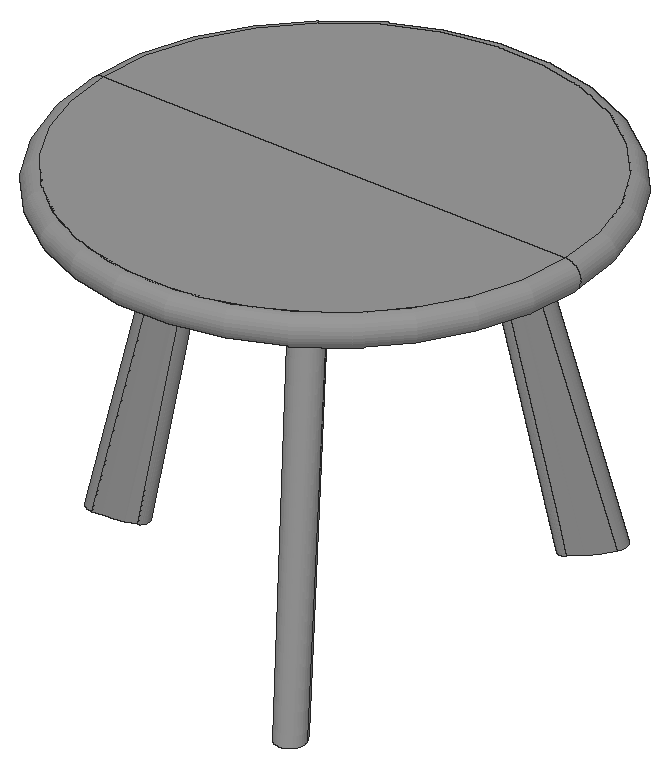
Revit family "Andreu World_Oliva ME-0565", category Mobiliario, Revit 2014
Parameters (values of type "ME-0565 Oak")
  Wood = Andreu World Oak Vertical
  URL = "https://www.andreuworld.com"
  Top = 500 mm
  Referencia = "ME-0565"
  Modelo = "Oliva"  # constant formula
  Height = 390 mm
  Fabricante = "Andreu World"  # constant formula
  Descripción = "Auxiliary table."  # constant formula
Reference planes
  plane 1 "Centro (Frontal/Posterior)": y = 0
  plane 2: z = 0
  plane 3 "Centro (Izquierda/Derecha)": x = 0
  plane 4: x = -250
  plane 5: y = 250
  plane 6: x = 250
  plane 7: y = -250
  plane 8: z = 390
  plane 9: z = 360
Forms (mm)
  Revolve 1, solid, material "Andreu World Oak Vertical" <- "Wood", detail levels medium+fine
    sketch origin (0, 0, 0) x (1, 0, 0) y (0, 0, 1)
      loop
        line (0, 390) -> (0, 360) -> (235.233, 360)
        arc (235.233, 360) -> (250.233, 375) -> (235.233, 390) r 15
        line (235.233, 390) -> (0, 390)
      axis (0, 390) -> (0, 360)
    angle from 0 to 360
  Blend 2, solid, material "Andreu World Oak Vertical" <- "Wood", detail levels medium+fine
    base sketch origin (-100.093, 0.024, 70) x (1, 0, 0) y (0, 1, 0)
      loop
        arc (-136.033, -13.926) -> (-115.119, -12.271) -> (-94.721, -7.362) r 133.605
        arc (-94.721, -7.362) -> (-89.383, 0.154) -> (-95.029, 7.441) r 7.735
        arc (-95.029, 7.441) -> (-115.289, 12.294) -> (-136.059, 13.905) r 132.214
        arc (-136.059, 13.905) -> (-149.954, -0.024) -> (-136.033, -13.926) r 13.915
    top sketch origin (-100.093, 0.024, 70) x (1, 0, 0) y (0, 1, 0)
      loop
        arc (-37.832, 16) -> (-53.832, 0) -> (-37.832, -16) r 16
        arc (-37.832, -16) -> (-27.408, -14.407) -> (-18.158, -9.344) r 30.354
        arc (-18.158, -9.344) -> (-13.961, -0.583) -> (-18.193, 8.162) r 11.197
        arc (-18.193, 8.162) -> (-27.437, 13.523) -> (-37.832, 16) r 36.768
    from -70 to 290
  Blend 3, solid, material "Andreu World Oak Vertical" <- "Wood", detail levels medium+fine
    base sketch origin (50.067, 86.671, 70) x (-0.5, -0.866025, 0) y (0.866025, -0.5, 0)
      loop
        arc (-136.033, -13.926) -> (-115.119, -12.271) -> (-94.721, -7.362) r 133.605
        arc (-94.721, -7.362) -> (-89.383, 0.154) -> (-95.029, 7.441) r 7.735
        arc (-95.029, 7.441) -> (-115.289, 12.294) -> (-136.059, 13.905) r 132.214
        arc (-136.059, 13.905) -> (-149.954, -0.024) -> (-136.033, -13.926) r 13.915
    top sketch origin (50.067, 86.671, 70) x (-0.5, -0.866025, 0) y (0.866025, -0.5, 0)
      loop
        arc (-37.832, 16) -> (-53.832, 0) -> (-37.832, -16) r 16
        arc (-37.832, -16) -> (-27.408, -14.407) -> (-18.158, -9.344) r 30.354
        arc (-18.158, -9.344) -> (-13.961, -0.583) -> (-18.193, 8.162) r 11.197
        arc (-18.193, 8.162) -> (-27.437, 13.523) -> (-37.832, 16) r 36.768
    from -70 to 290
  Blend 4, solid, material "Andreu World Oak Vertical" <- "Wood", detail levels medium+fine
    base sketch origin (50.026, -86.695, 70) x (-0.5, 0.866025, 0) y (-0.866025, -0.5, 0)
      loop
        arc (-136.033, -13.926) -> (-115.119, -12.271) -> (-94.721, -7.362) r 133.605
        arc (-94.721, -7.362) -> (-89.383, 0.154) -> (-95.029, 7.441) r 7.735
        arc (-95.029, 7.441) -> (-115.289, 12.294) -> (-136.059, 13.905) r 132.214
        arc (-136.059, 13.905) -> (-149.954, -0.024) -> (-136.033, -13.926) r 13.915
    top sketch origin (50.026, -86.695, 70) x (-0.5, 0.866025, 0) y (-0.866025, -0.5, 0)
      loop
        arc (-37.832, 16) -> (-53.832, 0) -> (-37.832, -16) r 16
        arc (-37.832, -16) -> (-27.408, -14.407) -> (-18.158, -9.344) r 30.354
        arc (-18.158, -9.344) -> (-13.961, -0.583) -> (-18.193, 8.162) r 11.197
        arc (-18.193, 8.162) -> (-27.437, 13.523) -> (-37.832, 16) r 36.768
    from -70 to 290
Dimensions and locks
  "Top": plane 4 to plane 6
  equal spacing: plane 4, plane 3 "Centro (Izquierda/Derecha)", plane 6
  "Top": plane 5 to plane 7
  equal spacing: plane 5, plane 1 "Centro (Frontal/Posterior)", plane 7
  Revolve 1 sketch curve to Revolve 1 sketch curve = 30 mm
  "Height": plane 8 to level
  locked: plane 8 to plane 9 at 30
  aligned and locked: level to plane 2
  aligned and locked: Revolve 1 sketch curve to plane 3 "Centro (Izquierda/Derecha)"
  aligned and locked: plane 9 to Blend 2
  aligned and locked: Revolve 1 sketch curve to plane 9
  aligned and locked: Blend 2 to level
Automatic sketch dimensions
  Revolve 1 sketch curve to plane 3 "Centro (Izquierda/Derecha)" = 0 mm
  Revolve 1 sketch curve to plane 6 = 14.767 mm
  Revolve 1 sketch curve to level = 440.494 mm
  Revolve 1 sketch curve to Revolve 1 sketch curve = 1607.414 mm
  Blend 2 sketch curve to Blend 2 sketch curve = 3.234 mm
  Blend 2 sketch curve to Blend 2 sketch curve = 0.696 mm
  Blend 2 sketch curve to Blend 2 sketch curve = 12.673 mm
  Blend 2 sketch curve to Blend 2 sketch curve = 20.021 mm
  Blend 2 sketch curve to Blend 2 sketch curve = 0.605 mm
  Blend 2 sketch curve to Blend 2 sketch curve = 14.346 mm
  Blend 2 sketch curve to Blend 2 sketch curve = 6.966 mm
  Blend 2 sketch curve to Blend 2 sketch curve = 0 mm  (x3)
  Blend 2 sketch curve to Blend 2 sketch curve = 0.046 mm
  Blend 2 sketch curve to Blend 2 sketch curve = 0.176 mm
  Blend 2 sketch curve to Blend 2 sketch curve = 38.922 mm
  Blend 2 sketch curve to Blend 2 sketch curve = 118.299 mm
  Blend 2 sketch curve to Blend 2 sketch curve = 0.004 mm
  Blend 2 sketch curve to Blend 2 sketch curve = 119.69 mm
  Blend 2 sketch curve to Blend 2 sketch curve = 0.021 mm
  Blend 2 sketch curve to Blend 2 sketch curve = 2.087 mm
  Blend 3 sketch curve to Blend 3 sketch curve = 3.234 mm
  Blend 3 sketch curve to Blend 3 sketch curve = 0.696 mm
  Blend 3 sketch curve to Blend 3 sketch curve = 12.673 mm
  Blend 3 sketch curve to Blend 3 sketch curve = 20.021 mm
  Blend 3 sketch curve to Blend 3 sketch curve = 0.605 mm
  Blend 3 sketch curve to Blend 3 sketch curve = 14.346 mm
  Blend 3 sketch curve to Blend 3 sketch curve = 6.966 mm
  Blend 3 sketch curve to Blend 3 sketch curve = 0 mm  (x3)
  Blend 3 sketch curve to Blend 3 sketch curve = 0.046 mm
  Blend 3 sketch curve to Blend 3 sketch curve = 0.176 mm
  Blend 3 sketch curve to Blend 3 sketch curve = 38.922 mm
  Blend 3 sketch curve to Blend 3 sketch curve = 118.299 mm
  Blend 3 sketch curve to Blend 3 sketch curve = 0.004 mm
  Blend 3 sketch curve to Blend 3 sketch curve = 119.69 mm
  Blend 3 sketch curve to Blend 3 sketch curve = 0.021 mm
  Blend 3 sketch curve to Blend 3 sketch curve = 2.087 mm
  Blend 4 sketch curve to Blend 4 sketch curve = 3.234 mm
  Blend 4 sketch curve to Blend 4 sketch curve = 0.696 mm
  Blend 4 sketch curve to Blend 4 sketch curve = 12.673 mm
  Blend 4 sketch curve to Blend 4 sketch curve = 20.021 mm
  Blend 4 sketch curve to Blend 4 sketch curve = 0.605 mm
  Blend 4 sketch curve to Blend 4 sketch curve = 14.346 mm
  Blend 4 sketch curve to Blend 4 sketch curve = 6.966 mm
  Blend 4 sketch curve to Blend 4 sketch curve = 0 mm  (x3)
  Blend 4 sketch curve to Blend 4 sketch curve = 0.046 mm
  Blend 4 sketch curve to Blend 4 sketch curve = 0.176 mm
  Blend 4 sketch curve to Blend 4 sketch curve = 38.922 mm
  Blend 4 sketch curve to Blend 4 sketch curve = 118.299 mm
  Blend 4 sketch curve to Blend 4 sketch curve = 0.004 mm
  Blend 4 sketch curve to Blend 4 sketch curve = 119.69 mm
  Blend 4 sketch curve to Blend 4 sketch curve = 0.021 mm
  Blend 4 sketch curve to Blend 4 sketch curve = 2.087 mm
